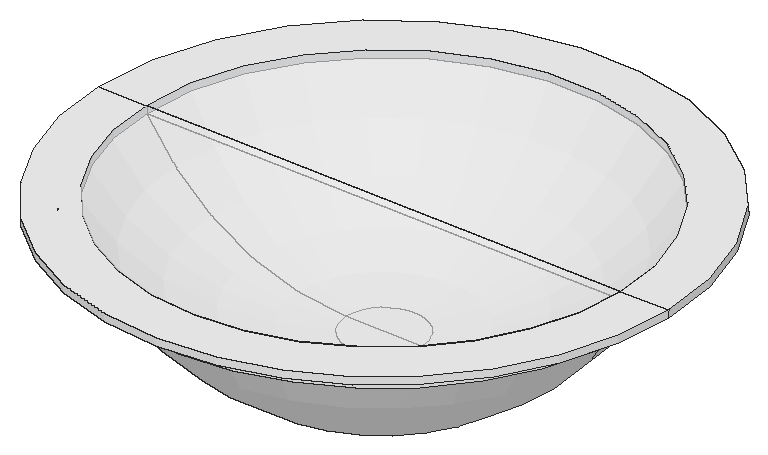
Revit family "0030338 Sylvania Lighting Fixture START Downlight 225 IP44 DALI 2350Lm 830", category Lighting Fixtures, host Face, Revit 2016
Family settings
  Host = Face
  Part Type = Normal
  Round Connector Dimension = Use Diameter
  OmniClass Number = 23.80.70.00
  OmniClass Title = Lighting
  Cut with Voids When Loaded = No
  Light Source = Yes
  Shared = No
  Room Calculation Point = No
Parameters (values of type "0030338 ST DOWNLIGHT 225 IP44 DALI 2350LM 830")
  Weight = "10.26 kg"
  Wattage Comments = ""
  Wattage = 24 W
  WarrantyStartDate [instance] = "n/a"
  WarrantyGuarantorParts = "n/a"
  WarrantyDurationUnit = "n/a"
  WarrantyDurationParts = "n/a"
  WarrantyDescription = "n/a"
  built-in parameter 1150110 = 1 (stored number, unit not read)
  Voltage = 230 V
  URL = "http://www.sylvania-lighting.com"
  TypeName = "START Downlight 225 IP44 DALI 2350Lm 830"
  Type Image = <None>
  Type Comments = "n/a"
  built-in parameter 1114217 = 1 (stored number, unit not read)
  Tilt Angle = -90.00°
  built-in parameter 1150109 = 1 (stored number, unit not read)
  built-in parameter 1150134 = (empty or 0)
  built-in parameter 1150113 = 1 (stored number, unit not read)
  SerialNumber [instance] = "n/a"
  S_SYL = no
  RadiusTop_SYL = if(S_SYL, 80 mm, if(M_SYL, 100 mm, if(L_SYL, 120 mm, 120 mm)))  # 120 mm
  Photometric Web File = "0030338.ies"
  Material_3_FEILO = Top-Sylvania-STARTDownlight
  PowerFactor = 0.9
  PowerConsumption = "24 W"
  NominalLength = 240 mm
  NominalHeight = 65 mm
  NominalDepth = 240 mm
  Name = "START Downlight 225 IP44 DALI 2350Lm 830"
  ModelReference = Name  # "START Downlight 225 IP44 DALI 2350Lm 830"
  ModelNumber = "0030338"
  Model = Name  # "START Downlight 225 IP44 DALI 2350Lm 830"
  Material = "aluminium housing, polycarbonate diffuser"
  ManufacturerName = "Feilo Sylvania"
  Manufacturer = "Feilo Sylvania"
  M_SYL = no
  LuminousEfficacy = "97.09 lm/W"
  built-in parameter 1150105 = 1271 (stored number, unit not read)
  Lumens = 2330.38 lm
  LuminaireType = ""
  built-in parameter 1150115 = 1 (stored number, unit not read)
  LightOutputRatio = "100"
  built-in parameter 1150137 = (empty or 0)
  built-in parameter 1150139 = (empty or 0)
  LampsType = Lamp  # "LED"
  LampNominalLuminous = "2330 lm"
  LampMacAdamStep = "5"
  LampColourTemperature = "3000 K"
  LampColourRenderingIndex = "80"
  built-in parameter 1150112 = 1 (stored number, unit not read)
  built-in parameter 1150114 = 1 (stored number, unit not read)
  Lamp = "LED"
  L_SYL = no
  Keynote = "16500"
  InstallationDate [instance] = "n/a"
  InputVoltage = "220-240V~"
  InputNominalFrequency = "50/60 Hz"
  built-in parameter 1150132 = (empty or 0)
  built-in parameter 1150102 = (empty or 0)
  built-in parameter 1150107 = 3000 (stored number, unit not read)
  built-in parameter 1150138 = (empty or 0)
  IngressProtection = "IP20/44"
  ImpactProtectionIndex = "IK07"
  built-in parameter 1150106 = 12.71 (stored number, unit not read)
  IfcExportType = "IfcLightFixtureType"
  IfcExportAs = "IfcLightFixtureType"
  Height_SYL = if(S_SYL, 41 mm, if(M_SYL, 47 mm, if(L_SYL, 56 mm, 62 mm)))  # 62 mm
  ExpectedLife = 50000
  Emit from Circle Diameter = Diameter_SYL - 40 mm  # 200 mm
  Emit Shape Visible in Rendering = no
  ElectricShockClassification = "Class II"
  built-in parameter 1150104 = 9.0208 (stored number, unit not read)
  DurationUnit = "hours"
  DocumentationLiterature = "http://www.sylvania-lighting.com/product/en-int/products/0030338"
  DimmingControlOptions = "Dimmable"
  Material_2_FEILO = Diffuser-Sylvania-STARTDownlight
  Dimming Lamp Color Temperature Shift = <None>
  Diameter_SYL = if(S_SYL, 164 mm, if(M_SYL, 193 mm, if(L_SYL, 220 mm, 240 mm)))  # 240 mm
  DiameterTop_SYL = if(S_SYL, 77 mm, if(M_SYL, 81 mm, if(L_SYL, 104 mm, 105 mm)))  # 105 mm
  DiameterRecess_SYL = if(S_SYL, 141 mm, if(M_SYL, 169 mm, if(L_SYL, 198 mm, 216 mm)))  # 216 mm
  Description = ""
  Default Elevation = 1219.2 mm
  CreatedOn = "8/1/2018"
  CreatedBy = "@sylvania-lighting.com"
  Cost = 0
  Color Filter = 16777215
  built-in parameter 1114216 [instance] = (empty or 0)
  ClassificationValue = "EF_70_80"
  ClassificationName = "Uniclass2015"
  Material_1_FEILO = Trim-Sylvania-STARTDownlight-White
  BarCode [instance] = "n/a"
  built-in parameter 1114218 = 1 (stored number, unit not read)
  built-in parameter 1150133 = 10 (stored number, unit not read)
  AssetType = "Fixed"
  AssetIdentifier [instance] = "n/a"
  Assembly Code = "D5020200"
  Apparent Load = 24 VA
  Material_4_FEILO = LED-Sylvania-STARTDownlight
Reference planes
  plane 1 "Center (Front/Back)": y = 0
  plane 2: z = 0
  plane 3 "Center (Left/Right)": x = 0
  plane 4: x = 120
  plane 5: x = -120
  plane 6: z = 3
  plane 7: z = -8
  plane 8: z = -57
  plane 9: z = -59
  plane 10: x = -108
  plane 11: x = 108
  plane 12: x = -52.5
  plane 13: x = 52.5
  plane 14: x = -100
  plane 15: x = 100
  plane 16: z = -85
  plane 17: x = -100
  plane 18: z = 2
  plane 19: z = -47
  plane 20: x = -16
Forms (mm)
  Revolve 1, solid
    sketch origin (0, 0, 0) x (1, 0, 0) y (0, 0, 1)
      loop
        line (-120, 3) -> (-120, 0) -> (-108, 0) -> (-108, -8) -> (-100, -8)
        arc (-100, -8) -> (-79.807, -35.948) -> (-52.5, -57) r 120
        line (-52.5, -57) -> (0, -57) -> (0, -47) -> (-16, -47)
        arc (-16, -47) -> (-64.127, -34.451) -> (-100, 0) r 98.564
        line (-100, 0) -> (-100, 3) -> (-120, 3)
      axis (0, 3) -> (0, -57)
    angle from 360 to 0
  Revolve 2, void
    sketch origin (0, 0, 0) x (1, 0, 0) y (0, 0, 1)
      loop
        line (0, 0) -> (-108, 0) -> (-108, -85) -> (0, -85) -> (0, 0)
      axis (0, 0) -> (0, -85)
    angle from 360 to 0
  Revolve 3, solid, material "Diffuser-Sylvania-STARTDownlight" <- "Material_2_FEILO"
    sketch origin (0, 0, 0) x (1, 0, 0) y (0, 0, 1)
      loop
        line (-100, 3) -> (-100, 0) -> (0, 0) -> (0, 3) -> (-100, 3)
      axis (0, 3) -> (0, 0)
    angle from 360 to 0
Dimensions and locks
  equal spacing: plane 4, plane 3 "Center (Left/Right)", plane 5
  "Diameter_SYL": plane 4 to plane 5
  equal spacing: plane 11, plane 3 "Center (Left/Right)", plane 10
  equal spacing: plane 13, plane 3 "Center (Left/Right)", plane 12
  "DiameterTop_SYL": plane 13 to plane 12
  equal spacing: plane 15, plane 3 "Center (Left/Right)", plane 14
  locked: plane 6 to plane 2 at 3
  "Height_SYL": plane 6 to plane 9
  locked: plane 8 to plane 9 at 2
  locked: plane 2 to plane 7 at 8
  locked: plane 2 to plane 16 at 85
  locked: plane 17 to plane 5 at 20
  locked: plane 6 to plane 18 at 1
  "DiameterRecess_SYL": plane 11 to plane 10
  locked: plane 19 to plane 8 at 10
  locked: plane 3 "Center (Left/Right)" to plane 20 at 16
  locked: plane 14 to plane 5 at 20
  "RadiusTop_SYL": radius of Revolve 1 sketch curve
  aligned and locked: plane 2 to host face
  aligned and locked: level to host face
  aligned and locked: Revolve 1 sketch curve to plane 5
  aligned and locked: Revolve 1 sketch curve to level
  aligned and locked: plane 7 to Revolve 1 sketch curve
  aligned and locked: Revolve 1 sketch curve to plane 10
  aligned and locked: plane 14 to Revolve 1 sketch curve
  aligned and locked: plane 3 "Center (Left/Right)" to Revolve 1 sketch curve
  aligned and locked: Revolve 1 sketch curve to plane 8
  aligned and locked: Revolve 1 sketch curve to plane 3 "Center (Left/Right)"
  aligned and locked: Revolve 2 sketch curve to plane 3 "Center (Left/Right)"
  aligned and locked: plane 3 "Center (Left/Right)" to Revolve 2 sketch curve
  aligned and locked: Revolve 2 sketch curve to plane 10
  aligned and locked: plane 16 to Revolve 2 sketch curve
  aligned and locked: Revolve 1 sketch curve to plane 6
  aligned and locked: plane 19 to Revolve 1 sketch curve
  aligned and locked: plane 20 to Revolve 1 sketch curve
  aligned and locked: Revolve 1 sketch curve to Revolve 1 sketch curve
  aligned and locked: plane 17 to Revolve 1 sketch curve
  aligned and locked: plane 2 to Revolve 1 sketch curve
  aligned and locked: Revolve 3 sketch curve to plane 3 "Center (Left/Right)"  (x2)
  aligned and locked: plane 3 "Center (Left/Right)" to imposter light
  aligned and locked: imposter light to plane 18
  aligned and locked: imposter light to plane 1 "Center (Front/Back)"
  aligned and locked: plane 14 to Revolve 3 sketch curve
Automatic sketch dimensions
  host sketch curve to host sketch curve = 2438.4 mm  (x2)
  plane 16 to Revolve 2 sketch curve = 524.6 mm
  Revolve 2 sketch curve to plane 6 = 2606.058 mm
  Revolve 1 sketch curve to plane 12 = 0 mm
  plane 16 to Revolve 1 sketch curve = 524.6 mm
  Revolve 1 sketch curve to Revolve 1 sketch curve = 2581.366 mm
  Revolve 2 sketch curve to level = 0 mm
  Revolve 3 sketch curve to plane 6 = 0 mm
  Revolve 3 sketch curve to level = 0 mm
  plane 16 to Revolve 3 sketch curve = 524.6 mm
  Revolve 3 sketch curve to Revolve 3 sketch curve = 2606.058 mm
Connectors
  electrical at (0, 0, 0), driven by "Apparent Load", driven by "PowerFactor", driven by "Voltage"
    settings: index 1, voltage 230 V, apparent load 24 VA, apparent load phase1 0 VA, apparent load phase2 0 VA, apparent load phase3 0 VA, power factor 0.9, load classification "Lighting", number of poles 1, system type 30, power factor state 1, is connector primary yes, connector utility no, sub classification motor no, connector description ""
